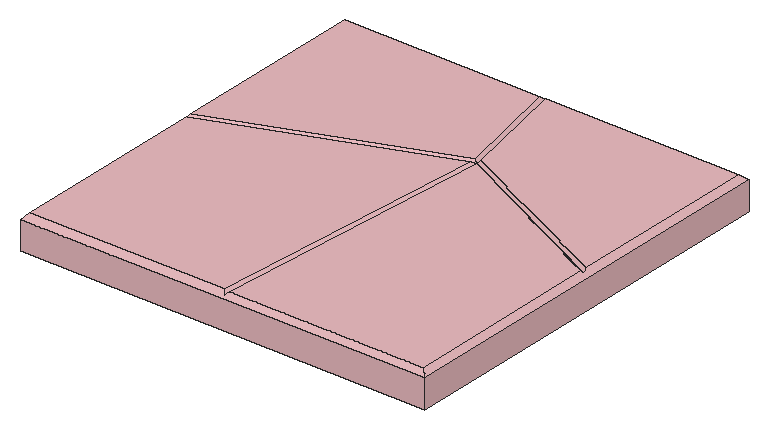
Revit family "SKEW 2ft x 2ft", category Specialty Equipment, Revit 2023
Family settings
  Round Connector Dimension = Use Diameter
  Part Type = Normal
  OmniClass Number = 23.35.00.00
  OmniClass Title = Covering, Cladding, and Finishes
  Work Plane-Based = Yes
  Enable Cutting in Views = Yes
  Always vertical = No
  Cut with Voids When Loaded = No
  Maintain Annotation Orientation = No
  Shared = No
  Room Calculation Point = No
Parameters (values of type "2 INCH THICK - CUSTOM PAINTED - STANDARD")
  URL = "https://www.acousticalsurfaces.com/envirocoustic-wood-wool/designs/"
  Type Comments = "Acoustic panels for vertical and horizontal surfaces"
  Thickness = 0' - 2"
  Recycled Content Percentage = "0%"
  Model = "Envirocoustic Wood Wool"
  Material = "Envirocoustic Wood Wool"
  Manufacturer = "Acoustical Surfaces, Inc."
  Fire Rating = "ASTM E84 - Class A"
  Finish = Paint - Acoustical-Surfaces - Custom Painted
  Description = "Acoustic Panels"
  Default Elevation = 0' - 0"
  Backer Thickness = 0' - 1"
  Backer = no
  Assembly Code = "C30"
  Acoustics - NRC = "Sound absorption varies from NRC 0.45 to 0.95 based on installation method used when tested per ASTM C423."
Types (27): name | Thickness | Finish | Backer Thickness | Backer
  2 INCH THICK - CUSTOM PAINTED - STANDARD | 0' - 2" | Paint - Acoustical-Surfaces - Custom Painted | 0' - 1" | no
  2 INCH THICK - PRIMED WHITE - STANDARD | 0' - 2" | Paint - Acoustical-Surfaces - Primed White | 0' - 1" | no
  2 INCH THICK - PRIMED CLEAR - STANDARD | 0' - 2" | Paint - Acoustical-Surfaces - Primed Clear | 0' - 1" | no
  2 INCH THICK - PRIMED WHITE - 2 INCH CFAB BACKER | 0' - 2" | Paint - Acoustical-Surfaces - Primed White | 0' - 2" | yes
  2 INCH THICK - PRIMED WHITE - 1 INCH CFAB BACKER | 0' - 2" | Paint - Acoustical-Surfaces - Primed White | 0' - 1" | yes
  2 INCH THICK - PRIMED CLEAR - 2 INCH CFAB BACKER | 0' - 2" | Paint - Acoustical-Surfaces - Primed Clear | 0' - 2" | yes
  2 INCH THICK - PRIMED CLEAR - 1 INCH CFAB BACKER | 0' - 2" | Paint - Acoustical-Surfaces - Primed Clear | 0' - 1" | yes
  2 INCH THICK - CUSTOM PAINTED - 2 INCH CFAB BACKER | 0' - 2" | Paint - Acoustical-Surfaces - Custom Painted | 0' - 2" | yes
  2 INCH THICK - CUSTOM PAINTED - 1 INCH CFAB BACKER | 0' - 2" | Paint - Acoustical-Surfaces - Custom Painted | 0' - 1" | yes
  1-3/8 INCH THICK - CUSTOM PAINTED - STANDARD | 0' - 1 3/8" | Paint - Acoustical-Surfaces - Custom Painted | 0' - 1" | no
  1-3/8 INCH THICK - PRIMED WHITE - STANDARD | 0' - 1 3/8" | Paint - Acoustical-Surfaces - Primed White | 0' - 1" | no
  1-3/8 INCH THICK - PRIMED CLEAR - STANDARD | 0' - 1 3/8" | Paint - Acoustical-Surfaces - Primed Clear | 0' - 1" | no
  1-3/8 INCH THICK - PRIMED WHITE - 2 INCH CFAB BACKER | 0' - 1 3/8" | Paint - Acoustical-Surfaces - Primed White | 0' - 2" | yes
  1-3/8 INCH THICK - PRIMED WHITE - 1 INCH CFAB BACKER | 0' - 1 3/8" | Paint - Acoustical-Surfaces - Primed White | 0' - 1" | yes
  1-3/8 INCH THICK - PRIMED CLEAR - 2 INCH CFAB BACKER | 0' - 1 3/8" | Paint - Acoustical-Surfaces - Primed Clear | 0' - 2" | yes
  1-3/8 INCH THICK - PRIMED CLEAR - 1 INCH CFAB BACKER | 0' - 1 3/8" | Paint - Acoustical-Surfaces - Primed Clear | 0' - 1" | yes
  1-3/8 INCH THICK - CUSTOM PAINTED - 2 INCH CFAB BACKER | 0' - 1 3/8" | Paint - Acoustical-Surfaces - Custom Painted | 0' - 2" | yes
  1-3/8 INCH THICK - CUSTOM PAINTED - 1 INCH CFAB BACKER | 0' - 1 3/8" | Paint - Acoustical-Surfaces - Custom Painted | 0' - 1" | yes
  1 INCH THICK - CUSTOM PAINTED - STANDARD | 0' - 1" | Paint - Acoustical-Surfaces - Custom Painted | 0' - 1" | no
  1 INCH THICK - PRIMED WHITE - STANDARD | 0' - 1" | Paint - Acoustical-Surfaces - Primed White | 0' - 1" | no
  1 INCH THICK - PRIMED CLEAR - STANDARD | 0' - 1" | Paint - Acoustical-Surfaces - Primed Clear | 0' - 1" | no
  1 INCH THICK - PRIMED WHITE - 2 INCH CFAB BACKER | 0' - 1" | Paint - Acoustical-Surfaces - Primed White | 0' - 2" | yes
  1 INCH THICK - PRIMED WHITE - 1 INCH CFAB BACKER | 0' - 1" | Paint - Acoustical-Surfaces - Primed White | 0' - 1" | yes
  1 INCH THICK - PRIMED CLEAR - 2 INCH CFAB BACKER | 0' - 1" | Paint - Acoustical-Surfaces - Primed Clear | 0' - 2" | yes
  1 INCH THICK - PRIMED CLEAR - 1 INCH CFAB BACKER | 0' - 1" | Paint - Acoustical-Surfaces - Primed Clear | 0' - 1" | yes
  1 INCH THICK - CUSTOM PAINTED - 2 INCH CFAB BACKER | 0' - 1" | Paint - Acoustical-Surfaces - Custom Painted | 0' - 2" | yes
  1 INCH THICK - CUSTOM PAINTED - 1 INCH CFAB BACKER | 0' - 1" | Paint - Acoustical-Surfaces - Custom Painted | 0' - 1" | yes
Reference planes (in)
  plane 1 "Center (Front/Back)": y = 0
  plane 2: z = 0
  plane 3 "Center (Left/Right)": x = 0
  plane 4: x = -12
  plane 5: x = 12
  plane 6: y = 12
  plane 7: y = -12
  plane 8: z = 2
  plane 9: z = -1
Forms (in)
  Extrusion 1, solid, material "Paint - Acoustical-Surfaces - Custom Painted" <- "Finish"
    sketch origin (0, 0, 0) x (1, 0, 0) y (0, 1, 0)
      loop
        line (12, 12) -> (-12, 12) -> (-12, -12) -> (12, -12) -> (12, 12)
    from 0 to 2
  Sweep 2, void
    path in 3D
      loop
        line (12, 12, 2) -> (-12, 12, 2) -> (-12, -12, 2) -> (12, -12, 2) -> (12, 12, 2)
    profile "Triangle : Family2" origin (12, 0, 2) x (-1, 0, 0) y (0, 0, 1)
      loop
        line (0, 0) -> (0, -0.315) -> (0.315, 0) -> (0, 0)
  Extrusion 3, solid, visible <- "Backer"
    sketch origin (0, 0, 0) x (1, 0, 0) y (0, 1, 0)
      loop
        line (12, 12) -> (-12, 12) -> (-12, -12) -> (12, -12) -> (12, 12)
    from 0 to -1
  Sweep 4, void
    path origin (0, 0, 2) x (1, 0, 0) y (0, 1, 0)
      loop
        line (0, 12) -> (1.44146, 5.09617) -> (0, -12)
    profile "Groove : Family2" origin (0.72073, 8.54808, 2) x (0.978891, 0.204384, 0) y (0, 0, 1)
      loop
        line (-0.1575, 0) -> (0, -0.1575) -> (0.1575, 0) -> (-0.1575, 0)
  Sweep 5, void
    path origin (0, 0, 2) x (1, 0, 0) y (0, 1, 0)
      loop
        line (12, 0) -> (1.44146, 5.09617) -> (-12, 0)
    profile "Groove : Family2" origin (6.72073, 2.54808, 2) x (-0.434676, -0.900587, 0) y (0, 0, 1)
      loop
        line (-0.1575, 0) -> (0, -0.1575) -> (0.1575, 0) -> (-0.1575, 0)
Cuts and joins
  Sweep 2, Sweep 4, Sweep 5 cuts Extrusion 1
Lines and regions (in)
  sketch lines
    curve 1: line (12, -12, 2) -> (12, 12, 2)
    curve 2: line (-12, -12, 2) -> (12, -12, 2)
    curve 3: line (-12, 12, 2) -> (-12, -12, 2)
    curve 4: line (12, 12, 2) -> (-12, 12, 2)
Dimensions and locks (in)
  equal spacing: plane 4, plane 3 "Center (Left/Right)", plane 5
  equal spacing: plane 7, plane 1 "Center (Front/Back)", plane 6
  plane 7 to plane 6 = 2' - 0"
  locked: plane 4 to plane 5 at 24
  "Thickness": plane 8 to level
  "Backer Thickness": level to plane 9
  aligned and locked: level to plane 2
  aligned and locked: Extrusion 1 sketch curve to plane 4
  aligned and locked: plane 5 to Extrusion 1 sketch curve
  aligned and locked: Extrusion 1 sketch curve to plane 6
  aligned and locked: Extrusion 1 sketch curve to plane 7
  aligned and locked: Extrusion 1 to plane 8
  aligned and locked: Extrusion 3 sketch curve to plane 4
  aligned and locked: plane 5 to Extrusion 3 sketch curve
  aligned and locked: Extrusion 3 sketch curve to plane 6
  aligned and locked: Extrusion 3 sketch curve to plane 7
  aligned and locked: plane 9 to Extrusion 3
Automatic sketch dimensions
  Extrusion 1 to Sweep 4 sketch curve = 0' - 0"
  Sweep 4 sketch curve to Extrusion 1 = 0' - 0"
  Sweep 4 sketch curve to Extrusion 1 = 0' - 10.55854"
  Sweep 4 sketch curve to Extrusion 1 = 0' - 6.90383"
  Sweep 4 sketch curve to Sweep 4 sketch curve = 0' - 1.44146"
  Sweep 4 sketch curve to Extrusion 1 = 1' - 0"
  Sweep 5 sketch curve to Extrusion 1 = 0' - 0"  (x2)
  Sweep 5 sketch curve to Extrusion 1 = 0' - 10.55854"
  Sweep 5 sketch curve to Extrusion 1 = 0' - 6.90383"
  Sweep 5 sketch curve to Sweep 5 sketch curve = 0' - 5.09617"
  Sweep 5 sketch curve to Extrusion 1 = 1' - 0"
